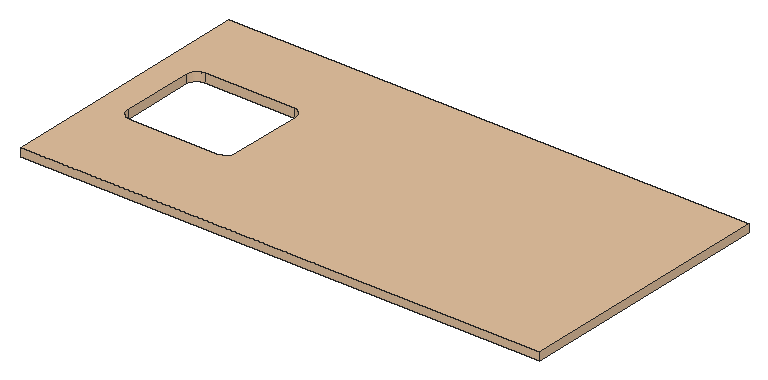
Revit family
Parameters (values of type "1200mm Depth")
  Counter Thickness = 40 mm
  Counter Top Material = none
  Depth [instance] = 1250 mm
  Height [instance] = 900 mm
  Length [instance] = 2500 mm
  Sink Location [instance] = 400 mm
  Sink Location To Edge = 600 mm
  Sink Opening Depth [instance] = 454 mm
  Sink Opening Width [instance] = 528 mm
  Assembly Code = ""
Reference planes
  plane 1 "Back": y = 0
  plane 2: z = 0
  plane 3 "Left": x = -1200.462
  plane 4 "Right": x = 1299.538
  plane 5 "Front": y = -1224.6
  plane 6 "Top": z = 900
  plane 7: z = 860
  plane 8: z = 1001.6
  plane 9: x = -800.462
  plane 10: y = -347.6
  plane 11: x = -536.462
  plane 12: y = -801.6
  plane 13: x = -1064.462
  plane 14: y = 25.4
  plane 15: y = -1199.2
  plane 16: y = -574.6
Forms (mm)
  Extrusion 1, solid, material <- "Counter Top Material"
    sketch origin (0, 0, 0) x (1, 0, 0) y (0, 1, 0)
      loop
        line (-1200.462, 25.4) -> (-1200.462, -1224.6) -> (1299.538, -1224.6) -> (1299.538, 25.4) -> (-1200.462, 25.4)
    from 860 to 900
  Extrusion 2, void
    sketch origin (0, 0, 0) x (1, 0, 0) y (0, 1, 0)
      loop
        arc (-1013.662, -347.6) -> (-1049.583, -362.479) -> (-1064.462, -398.4) r 50.8
        line (-1064.462, -398.4) -> (-1064.462, -750.8)
        arc (-1064.462, -750.8) -> (-1049.583, -786.721) -> (-1013.662, -801.6) r 50.8
        line (-1013.662, -801.6) -> (-587.262, -801.6)
        arc (-587.262, -801.6) -> (-551.341, -786.721) -> (-536.462, -750.8) r 50.8
        line (-536.462, -750.8) -> (-536.462, -398.4)
        arc (-536.462, -398.4) -> (-551.341, -362.479) -> (-587.262, -347.6) r 50.8
        line (-587.262, -347.6) -> (-1013.662, -347.6)
    from 860 to 900
Cuts and joins
  Extrusion 2 cuts Extrusion 1
Lines and regions (mm)
  Masking region 1
    outline origin (0, 0, 0) x (1, 0, 0) y (0, 1, 0)
      loop
        line (-1200.462, -1224.6) -> (1299.538, -1224.6) -> (1299.538, 25.4) -> (-1200.462, 25.4) -> (-1200.462, -1224.6)
      loop
        line (-1064.462, -398.4) -> (-1064.462, -750.8)
        arc (-1064.462, -750.8) -> (-1049.583, -786.721) -> (-1013.662, -801.6) r 50.8
        line (-1013.662, -801.6) -> (-587.262, -801.6)
        arc (-587.262, -801.6) -> (-551.341, -786.721) -> (-536.462, -750.8) r 50.8
        line (-536.462, -750.8) -> (-536.462, -398.4)
        arc (-536.462, -398.4) -> (-551.341, -362.479) -> (-587.262, -347.6) r 50.8
        line (-587.262, -347.6) -> (-1013.662, -347.6)
        arc (-1013.662, -347.6) -> (-1049.583, -362.479) -> (-1064.462, -398.4) r 50.8
Dimensions and locks
  "Length": plane 3 "Left" to plane 4 "Right"
  "Height": level to plane 6 "Top"
  "Counter Thickness": plane 7 to plane 6 "Top"
  plane 6 "Top" to plane 8 = 101.6 mm
  "Sink Opening Width": plane 13 to plane 11
  "Sink Opening Depth": plane 12 to plane 10
  "Sink Location": plane 3 "Left" to plane 9
  equal spacing: plane 13, plane 9, plane 11
  "Depth": plane 5 "Front" to plane 14
  locked: plane 1 "Back" to plane 14 at 25.4
  locked: plane 5 "Front" to plane 15 at 25.4
  "Sink Location To Edge": plane 16 to plane 14
  equal spacing: plane 12, plane 16, plane 10
  aligned and locked: plane 4 "Right" to Extrusion 1 sketch curve
  aligned and locked: Extrusion 1 sketch curve to plane 3 "Left"
  aligned and locked: Extrusion 1 to plane 6 "Top"
  aligned and locked: plane 7 to Extrusion 1
  aligned and locked: plane 10 to Extrusion 2 sketch curve
  aligned and locked: plane 11 to Extrusion 2 sketch curve
  aligned and locked: Extrusion 2 sketch curve to plane 13
  aligned and locked: Extrusion 2 sketch curve to plane 12
  aligned and locked: Extrusion 2 to plane 6 "Top"
  aligned and locked: Extrusion 1 to Extrusion 2
  aligned and locked: plane 14 to Extrusion 1 sketch curve
  aligned and locked: Extrusion 1 sketch curve to plane 5 "Front"
Automatic sketch dimensions
  Extrusion 2 sketch curve to plane 13 = 50.8 mm
  Extrusion 2 sketch curve to Extrusion 2 sketch curve = 50.8 mm  (x2)
  plane 11 to Extrusion 2 sketch curve = 50.8 mm
  Masking region 1 sketch curve to plane 3 "Left" = 0 mm
  Masking region 1 sketch curve to plane 4 "Right" = 0 mm
  Masking region 1 sketch curve to plane 5 "Front" = 0 mm
  Masking region 1 sketch curve to plane 14 = 0 mm
  Masking region 1 sketch curve to plane 13 = 50.8 mm
  plane 11 to Masking region 1 sketch curve = 50.8 mm
  Masking region 1 sketch curve to plane 12 = 50.8 mm  (x2)
  Masking region 1 sketch curve to plane 13 = 0 mm
  Masking region 1 sketch curve to plane 10 = 0 mm
  Masking region 1 sketch curve to plane 11 = 0 mm
  Masking region 1 sketch curve to plane 12 = 0 mm
